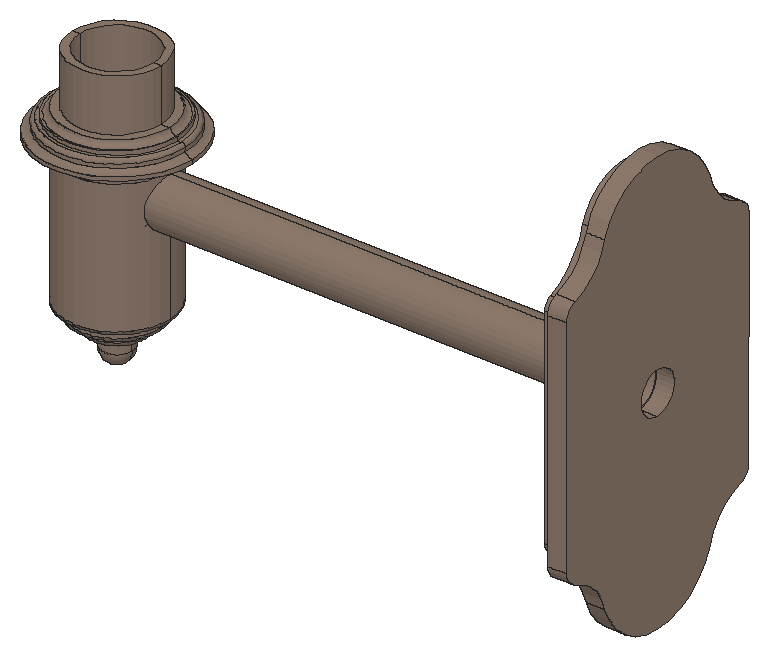
Revit family "WM560", category Generic Models, Revit 2014
Parameters
  WALL MOUNT = Bronze, Architectural
  COUPLING = Bronze, Architectural
  ARM = Bronze, Architectural
Reference planes (in)
  plane 1 "Center (Front/Back)": y = 0
  plane 2: z = 0
  plane 3 "Center (Left/Right)": x = 0
Forms (in)
  Revolve 1, solid, material "Bronze, Architectural" <- "ARM"
    sketch origin (0, 0, 0) x (1, 0, 0) y (0, 0, 1)
      loop
        line (-16.52055, 12.61849) -> (-16.52055, 11.78849) -> (-1.12403, 11.78849) -> (-1.12403, 12.61849) -> (-16.52055, 12.61849)
      axis (-1.12403, 12.61849) -> (-16.52055, 12.61849)
    angle from 0 to 360
  Revolve 2, solid, material "Bronze, Architectural" <- "ARM"
    sketch origin (0, 0, 0) x (1, 0, 0) y (0, 0, 1)
      loop
        arc (-19.62403, 14.81851) -> (-19.67895, 14.68592) -> (-19.81153, 14.63101) r 0.1875
        line (-19.81153, 14.63101) -> (-19.87403, 14.63101) -> (-19.87403, 14.50601) -> (-19.99903, 14.50601)
        arc (-19.99903, 14.50601) -> (-20.08742, 14.46939) -> (-20.12403, 14.38101) r 0.125
        line (-20.12403, 14.38101) -> (-20.12403, 14.25601)
        arc (-20.12403, 14.25601) -> (-20.23265, 14.16076) -> (-20.37403, 14.13101) r 0.28504
        line (-20.37403, 14.13101) -> (-20.37403, 14.00601) -> (-20.12403, 14.00601)
        arc (-20.12403, 14.00601) -> (-19.77047, 13.85956) -> (-19.62403, 13.50601) r 0.5
        line (-19.62403, 13.50601) -> (-19.62403, 9.13101)
        arc (-19.62403, 9.13101) -> (-19.58742, 9.04262) -> (-19.49903, 9.00601) r 0.125
        line (-19.49903, 9.00601) -> (-19.43653, 9.00601)
        arc (-19.43653, 9.00601) -> (-19.34814, 8.96939) -> (-19.31153, 8.88101) r 0.125
        line (-19.31153, 8.88101) -> (-19.31153, 8.75601)
        arc (-19.31153, 8.75601) -> (-19.27492, 8.66762) -> (-19.18653, 8.63101) r 0.125
        line (-19.18653, 8.63101) -> (-18.99903, 8.63101)
        arc (-18.99903, 8.63101) -> (-18.91064, 8.59439) -> (-18.87403, 8.50601) r 0.125
        line (-18.87403, 8.50601) -> (-18.87403, 8.38101)
        arc (-18.87403, 8.38101) -> (-18.83742, 8.29262) -> (-18.74903, 8.25601) r 0.125
        line (-18.74903, 8.25601) -> (-18.56153, 8.25601)
        arc (-18.56153, 8.25601) -> (-18.42895, 8.20109) -> (-18.37403, 8.06851) r 0.1875
        line (-18.37403, 8.06851) -> (-18.37403, 7.75601)
        arc (-18.37403, 7.75601) -> (-18.22758, 7.40245) -> (-17.87403, 7.25601) r 0.5
        line (-17.87403, 7.25601) -> (-17.87403, 14.81851) -> (-19.62403, 14.81851)
      axis (-17.87403, 7.25601) -> (-17.87403, 14.81851)
    angle from 0 to 360
  Revolve 3, solid, material "Bronze, Architectural" <- "COUPLING"
    sketch origin (0, 0, 0) x (1, 0, 0) y (0, 0, 1)
      loop
        line (-19.34778, 14.81851) -> (-17.87403, 14.81851) -> (-17.87403, 16.5473) -> (-19.34778, 16.5473) -> (-19.34778, 14.81851)
      axis (-17.87403, 14.81851) -> (-17.87403, 16.5473)
    angle from 0 to 360
  Extrusion 4, solid, material "Bronze, Architectural" <- "WALL MOUNT"
    sketch origin (0, -8.60017, 0) x (0, 1, 0) y (0, 0, 1)
      loop
        arc (12.35017, 16.33241) -> (12.25134, 16.63085) -> (11.99392, 16.81131) r 0.5
        arc (11.99392, 16.81131) -> (11.20804, 17.29418) -> (10.76496, 18.10315) r 1.79818
        arc (10.76496, 18.10315) -> (8.60017, 19.61849) -> (6.43539, 18.10315) r 2.30395
        arc (6.43539, 18.10315) -> (5.99231, 17.29418) -> (5.20643, 16.81131) r 1.79818
        arc (5.20643, 16.81131) -> (4.94901, 16.63085) -> (4.85017, 16.33241) r 0.5
        line (4.85017, 16.33241) -> (4.85017, 8.90277)
        arc (4.85017, 8.90277) -> (4.94901, 8.60433) -> (5.20643, 8.42388) r 0.5
        arc (5.20643, 8.42388) -> (5.99231, 7.94101) -> (6.43539, 7.13203) r 1.79818
        arc (6.43539, 7.13203) -> (8.60017, 5.6167) -> (10.76496, 7.13203) r 2.30395
        arc (10.76496, 7.13203) -> (11.20804, 7.94101) -> (11.99392, 8.42388) r 1.79818
        arc (11.99392, 8.42388) -> (12.25134, 8.60433) -> (12.35017, 8.90277) r 0.5
        line (12.35017, 8.90277) -> (12.35017, 16.33241)
    from -0.62403 to 0
  Extrusion 5, solid, material "Bronze, Architectural" <- "WALL MOUNT"
    sketch origin (0, -8.60017, 0) x (0, 1, 0) y (0, 0, 1)
      loop
        arc (11.85017, 16.06918) -> (11.78751, 16.27672) -> (11.62046, 16.41489) r 0.375
        arc (11.62046, 16.41489) -> (10.77132, 17.0317) -> (10.28497, 17.96172) r 2.29818
        arc (10.28497, 17.96172) -> (8.60017, 19.11959) -> (6.91538, 17.96172) r 1.80468
        arc (6.91538, 17.96172) -> (6.42903, 17.0317) -> (5.57989, 16.41489) r 2.29818
        arc (5.57989, 16.41489) -> (5.41284, 16.27672) -> (5.35017, 16.06918) r 0.375
        line (5.35017, 16.06918) -> (5.35017, 9.166)
        arc (5.35017, 9.166) -> (5.41284, 8.95847) -> (5.57989, 8.82029) r 0.375
        arc (5.57989, 8.82029) -> (6.42903, 8.20349) -> (6.91538, 7.27347) r 2.29818
        arc (6.91538, 7.27347) -> (8.60017, 6.11559) -> (10.28497, 7.27347) r 1.80468
        arc (10.28497, 7.27347) -> (10.77132, 8.20349) -> (11.62046, 8.82029) r 2.29818
        arc (11.62046, 8.82029) -> (11.78751, 8.95847) -> (11.85017, 9.166) r 0.375
        line (11.85017, 9.166) -> (11.85017, 16.06918)
    from -1.12403 to -0.62403
  Revolve 6, void
    sketch origin (0, 0, 0) x (1, 0, 0) y (0, 0, 1)
      loop
        line (-19.09778, 16.5473) -> (-19.09778, 14.81851) -> (-17.87403, 14.81851) -> (-17.87403, 16.5473) -> (-19.09778, 16.5473)
      axis (-17.87403, 16.5473) -> (-17.87403, 14.81851)
    angle from 0 to 360
  Revolve 7, void
    sketch origin (0, 0, 0) x (1, 0, 0) y (0, 0, 1)
      loop
        line (-16.52055, 13.32349) -> (-16.52055, 12.61849) -> (0, 12.61849) -> (0, 13.32349) -> (-16.52055, 13.32349)
      axis (0, 12.61849) -> (-16.52055, 12.61849)
    angle from 0 to 360
Cuts and joins
  Revolve 6, Revolve 7 cuts Revolve 2
  Revolve 6 cuts Revolve 3
  Revolve 7 cuts Revolve 1
  Revolve 7 cuts Extrusion 4
  Revolve 7 cuts Extrusion 5
Dimensions and locks (in)
  aligned and locked: plane 2 to level
